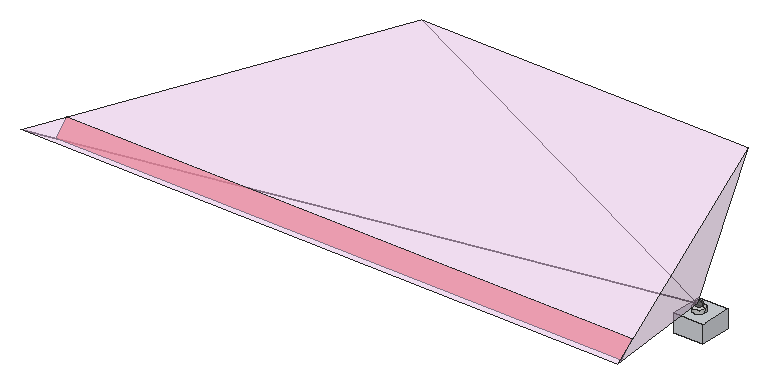
Revit family "Camera-Security-Panasonic-Super_Dynamic-Dome-Network-S2131SeriesX", category Security Devices, host Face, Revit 2013
Parameters (values of type "WV-S2131")
  z Zero = 0.0"  # constant formula
  z Yaw Actual [instance] = if(and(On Wall, not(On Ceiling)), Yaw Actual, Yaw Actual + 180.00°)  # 180.00°
  z VV Viewpoint Depth [instance] = (z VV Viewpoint Depth Max - z VV Viewpoint Depth Min) * z HFOV Ratio + z VV Viewpoint Depth Min  # 0.99902"
  z VV Viewpoint Depth Min = 0.86614"  # constant formula
  z VV Viewpoint Depth Max = 1.22047"  # constant formula
  z VV Origin Height Offset = 0.15748"  # constant formula
  z VV Origin Height [instance] = z Dome Height Offset + z VV Origin Height Offset  # 2.3622"
  z VV Face Radius = 4.62598"
  z Type = 2
  z Tilt Actual [instance] = Tilt Actual  # 45.00°
  z Pan Actual Safe [instance] = if(Pan Actual = -180.00°, 180.00°, Pan Actual)  # 0.00°
  z Pan Actual [instance] = Pan Actual  # 0.00°
  z HFOV Ratio [instance] = (Horizontal FOV Actual - Horizontal FOV Min) / (Horizontal FOV Max - Horizontal FOV Min)  # 0.375
  z Dome Radius = (Height - z Base Height)  # 1.77165"
  z Dome Material = Glass - Panasonic - Smoked
  z Dome Height Offset [instance] = if(Has Ceiling Mount, 0.19685", z Base Height)  # 2.20472"
  z Const Yaw Handle Length = 9.25197"  # constant formula
  z Const Yaw Base2 Length = 17.32283"  # constant formula
  z Const Yaw Base Length = 10.23622"  # constant formula
  z Const Tilt Handle Length = 11.81102"  # constant formula
  z Const Tilt Base2 Length = 19.68504"  # constant formula
  z Const Tilt Base Length = 9.84252"  # constant formula
  z Const Pan Handle Length = 19.48819"  # constant formula
  z Camera Resolution Type = 1
  z Bracket Radius = 7.32283" / 2  # 3.66142"
  z Base is Visible [instance] = not(Has Ceiling Mount)  # yes
  z Base Radius = (Diameter / 2)  # 2.54921"
  z Base Height = 2.20472"  # constant formula
  Yawing Range = "-100 to +100"  # constant formula
  Yaw Min = -100.00°  # constant formula
  Yaw Max = 100.00°  # constant formula
  Yaw Desired [instance] = 0.00°
  Yaw Actual [instance] = if(Yaw Desired > Yaw Max, Yaw Max, if(Yaw Desired < Yaw Min, Yaw Min, Yaw Desired))  # 0.00°
  Wide Dynamic Range = yes
  Weight = 1.21 lbf  # constant formula
  Voltage DC = 12 V
  Vandal Resistant = no
  VFOV Min 43 = 19.00°  # constant formula
  VFOV Min 169 = 17.00°  # constant formula
  Vertical FOV Min [instance] = if(and(Aspect Ratio 4_3, not(Aspect Ratio 16_9)), VFOV Min 43, VFOV Min 169)  # 17.00°
  VFOV Max 43 = 66.00°  # constant formula
  VFOV Max 169 = 59.00°  # constant formula
  Vertical FOV Max [instance] = if(and(Aspect Ratio 4_3, not(Aspect Ratio 16_9)), VFOV Max 43, VFOV Max 169)  # 59.00°
  Vertical FOV Actual [instance] = z HFOV Ratio * (Vertical FOV Max - Vertical FOV Min) + Vertical FOV Min  # 32.75°
  URL = "http://security.panasonic.com/pss/security/"
  Tilting Range = "-30 to +85"
  Tilt Min = -30.00°
  Tilt Max = 85.00°  # constant formula
  Tilt Actual [instance] = if(Tilt Desired > Tilt Max, Tilt Max, if(Tilt Desired < Tilt Min, Tilt Min, Tilt Desired))  # 45.00°
  Tilt Desired [instance] = 45.00°
  Storage Temperature = Operational Temperature  # "14°F - 122°F"
  Show View Volume [instance] = yes
  Resolution_HD [instance] = no
  Resolution_FullHD [instance] = yes
  Regulatory Compliance = "UL UL60950-1, C-UL CAN/CSA C22.2 No.60950-1, CE, IEC60950-1 FCC Part15 ClassA, ICES003 ClassA, EN55022 ClassB, EN55024"  # constant formula
  Provide Feedback = "https://www.surveymonkey.com/s/95FL6QY"
  Product Page URL = "http://security.panasonic.com/products/wv-s2131/"
  Product Material = Paint - Panasonic - Sail White
  Product Documentation Link = "http://ssbu-t.psn-web.net/Products/IP_camera/WV-S2131/Specsheet/WV-S2131-A4.pdf"
  Power Active = 5.6 W
  Part Number = Model  # "WV-S2131"
  Part Description = Description  # "Security Camera, Fixed Dome, Network, Super Dynamic FullHD"
  Panning Range = "-240 to +120"  # constant formula
  Pan Min = -240.00°  # constant formula
  Pan Max = 120.00°  # constant formula
  Pan Desired [instance] = 0.00°
  Pan Actual [instance] = if(Pan Desired > Pan Max, Pan Max, if(Pan Desired < Pan Min, Pan Min, Pan Desired))  # 0.00°
  PPM Desired [instance] = 300
  PPM Actual [instance] = if(PPM Desired > 1, PPM Desired, 1)  # 300
  Original Creation Date = "2016/10/31"  # constant formula
  Operational Temperature = "14°F - 122°F"  # constant formula
  Operational Humidity = "10% to 90% (no condensation)"  # constant formula
  On Wall [instance] = no
  On Ceiling [instance] = yes
  Mounting Positions = "Surface Mount"  # constant formula
  Model Disclaimer = "Contact Panasonic for more information"  # constant formula
  Model = "WV-S2131"
  Minimum Illumination = 0.012 lx
  Manufacturer = "Panasonic"  # constant formula
  Indoor Or Outdoor = "Indoor"  # constant formula
  IP Or Analog = "IP"  # constant formula
  Horizontal Resolution [instance] = if(and(Aspect Ratio 4_3, not(Aspect Ratio 16_9)), Horizontal Resolution 43, Horizontal Resolution 169)  # 1920
  Horizontal Resolution 43 [instance] = if(not(z Camera Resolution Type = 1), 1280, if(and(Resolution_HD, not(Resolution_FullHD)), 1280, 2048))  # 2048
  Horizontal Resolution 169 [instance] = if(not(z Camera Resolution Type = 1), 1280, if(and(Resolution_HD, not(Resolution_FullHD)), 1280, 1920))  # 1920
  Height = 3.97638"  # constant formula
  Has Ceiling Mount [instance] = no
  Has POE = yes
  HFOV Min 43 = 25.00°  # constant formula
  HFOV Min 169 = 30.00°  # constant formula
  Horizontal FOV Min [instance] = if(and(Aspect Ratio 4_3, not(Aspect Ratio 16_9)), HFOV Min 43, HFOV Min 169)  # 30.00°
  HFOV Max 43 = 90.00°  # constant formula
  HFOV Max 169 = 110.00°  # constant formula
  Horizontal FOV Max [instance] = if(and(Aspect Ratio 4_3, not(Aspect Ratio 16_9)), HFOV Max 43, HFOV Max 169)  # 110.00°
  Horizontal FOV Actual [instance] = if(Horizontal FOV Desired > Horizontal FOV Max, Horizontal FOV Max, if(Horizontal FOV Desired < Horizontal FOV Min, Horizontal FOV Min, Horizontal FOV Desired))  # 60.00°
  Family Version = "1.0.0"  # constant formula
  Horizontal FOV Desired [instance] = 60.00°
  Equipment Number [instance] = ""
  Equipment Abbreviation = "SC"
  Dome Part Number [instance] = "WV-CF5SA"  # constant formula
  Distance to Screen [instance] = 393.70079"
  Distance to PPM Target [instance] = if(PPM Actual = 0, 0.0", 39.37008" * Horizontal Resolution / (PPM Actual * 2 * tan(Horizontal FOV Actual / 2)))  # 218.21113"
  Distance to Floor [instance] = 118.11024"
  Distance to Ceiling [instance] = 0.0"
  Diameter = 5.09843"  # constant formula
  Description = "Security Camera, Fixed Dome, Network, Super Dynamic FullHD"
  Default Elevation = 0.0"
  Day Or Night = "Yes"  # constant formula
  Date Last Modified = "2016/10/31"
  Copyright = "Copyright © Panasonic"  # constant formula
  Communication Ports = "10Base-T / 100Base-TX, RJ45 connector"  # constant formula
  Audio Out = "Yes"
  Audio In = "Yes"
  Angle Of View = "110"  # constant formula
  Alarm Input Or Output Specification = "ALARM IN 1 (DAY/NIGHT IN, Auto time adjustment) (x1),ALARM IN 2 (ALARM OUT) (x1), ALARM IN 3 (AUX OUT) (x1)"
  Accessory Part Number [instance] = if(Has Ceiling Mount, "WV-Q174B", "Select a Mounting Option")  # "Select a Mounting Option"
  Aspect Ratio 4_3 [instance] = no
  Aspect Ratio 16_9 [instance] = yes
Types (5): name | z Camera Resolution Type | Voltage DC | Tilting Range | Tilt Min | Resolution_HD | Resolution_FullHD | Product Page URL | Product Documentation Link | Power Active | Part Number | Part Description | Model | Minimum Illumination | Horizontal Resolution | Horizontal Resolution 43 | Horizontal Resolution 169 | Distance to PPM Target | Description | Audio Out | Audio In | Alarm Input Or Output Specification
  WV-S2131 | 1 | 12 V | "-30 to +85" | -30.00° | no | yes | "http://security.panasonic.com/products/wv-s2131/" | "http://ssbu-t.psn-web.net/Products/IP_camera/WV-S2131/Specsheet/WV-S2131-A4.pdf" | 5.6 W | "WV-S2131" | "Security Camera, Fixed Dome, Network, Super Dynamic FullHD" | "WV-S2131" | 0.012 lx | 1920 | 2048 | 1920 | 218.21113" | "Security Camera, Fixed Dome, Network, Super Dynamic FullHD" | "Yes" | "Yes" | "ALARM IN 1 (DAY/NIGHT IN, Auto time adjustment) (x1),ALARM IN 2 (ALARM OUT) (x1), ALARM IN 3 (AUX OUT) (x1)"
  WV-S2131L | 1 | 12 V | "-30 to +85" | -30.00° | no | yes | "http://security.panasonic.com/products/wv-s2131l/" | "http://ssbu-t.psn-web.net/Products/IP_camera/WV-S2131L/Specsheet/WV-S2131L-A4.pdf" | 6.8 W | "WV-S2131L" | "Security Camera, Fixed Dome, Network, Super Dynamic FullHD" | "WV-S2131L" | 0.012 lx | 1920 | 2048 | 1920 | 218.21113" | "Security Camera, Fixed Dome, Network, Super Dynamic FullHD" | "Yes" | "Yes" | "ALARM IN 1 (DAY/NIGHT IN, Auto time adjustment) (x1),ALARM IN 2 (ALARM OUT) (x1), ALARM IN 3 (AUX OUT) (x1)"
  WV-S2130 | 1 | 48 V | "-85 to +85" | -85.00° | no | yes | "http://security.panasonic.com/products/wv-s2130/" | "http://ssbu-t.psn-web.net/Products/IP_camera/WV-S2130/Specsheet/WV-S2130-A4.pdf" | 5.3 W | "WV-S2130" | "Security Camera, Fixed Dome, Network, Super Dynamic FullHD" | "WV-S2130" | 0.012 lx | 1920 | 2048 | 1920 | 218.21113" | "Security Camera, Fixed Dome, Network, Super Dynamic FullHD" | "No" | "No" | "None"
  WV-S2111L | 2 | 12 V | "-30 to +85" | -30.00° | yes | no | "http://security.panasonic.com/products/wv-s2111l/" | "http://ssbu-t.psn-web.net/Products/IP_camera/WV-S2111L/Specsheet/WV-S2111L-A4.pdf" | 6.8 W | "WV-S2111L" | "Security Camera, Fixed Dome, Network, Super Dynamic HD" | "WV-S2111L" | 0.008 lx | 1280 | 1280 | 1280 | 145.47408" | "Security Camera, Fixed Dome, Network, Super Dynamic HD" | "Yes" | "Yes" | "ALARM IN 1 (DAY/NIGHT IN, Auto time adjustment) (x1),ALARM IN 2 (ALARM OUT) (x1), ALARM IN 3 (AUX OUT) (x1)"
  WV-S2110 | 2 | 48 V | "-85 to +85" | -85.00° | yes | no | "http://security.panasonic.com/products/wv-s2110/" | "http://ssbu-t.psn-web.net/Products/IP_camera/WV-S2110/Specsheet/WV-S2110-A4.pdf" | 5.3 W | "WV-S2110" | "Security Camera, Fixed Dome, Network, Super Dynamic HD" | "WV-S2110" | 0.008 lx | 1280 | 1280 | 1280 | 145.47408" | "Security Camera, Fixed Dome, Network, Super Dynamic HD" | "No" | "No" | "None"
Reference planes (in)
  plane 1 "Center (Front/Back)": y = 0
  plane 2: z = 0
  plane 3 "Center (Left/Right)": x = 0
  plane 4: z = 0
  plane 5: x = -2.54921
  plane 6: x = -1.77165
  plane 7: x = 2.5625
  plane 8: z = 2.20472
  plane 9: z = 1.50472
  plane 10: z = 3.97638
  plane 11 "Pan LR": z = 9.48781
  plane 12 "BP": z = 2.3622
Forms (in)
  Extrusion 1, solid
    sketch origin (0, 0, 0) x (1, 0, 0) y (0, 1, 0)
      loop
        line (-5.65138, 6.85016) -> (-5.65138, -7.02141) -> (7.02141, -7.02141) -> (7.02141, 6.85016) -> (-5.65138, 6.85016)
    from 0 to -7.78407
  Revolve 2, solid, material "Paint - Panasonic - Sail White" <- "Product Material", visible <- "z Base is Visible"
    sketch origin (0, 0, 0) x (1, 0, 0) y (0, 0, 1)
      loop
        line (0, 0) -> (0, 2.20472) -> (-1.77165, 2.20472) -> (-2.54921, 1.50472) -> (-2.54921, 0) -> (0, 0)
      axis (0, 2.20472) -> (0, 0)
    angle from 0 to 360
  Revolve 3, solid, material "Glass - Panasonic - Smoked" <- "z Dome Material"
    sketch origin (0, 0, 0) x (1, 0, 0) y (0, 0, 1)
      loop
        line (-1.77165, 2.20472) -> (0, 2.20472) -> (0, 3.97638)
        arc (0, 3.97638) -> (-1.25275, 3.45747) -> (-1.77165, 2.20472) r 1.77165
      axis (0, 3.97638) -> (0, 2.20472)
    angle from 0 to 360
Lines and regions (in)
  reference lines
    curve 1: line (0, 0, 2.42154) -> (0, -9.84252, 2.42154)
    curve 2: line (0, 0, 2.3622) -> (8.07327, -8.07327, 2.3622)
Dimensions and locks (in)
  "z Base Height": plane 8 to plane 4
  "z Base Radius": plane 3 "Center (Left/Right)" to plane 5
  locked: plane 8 to plane 9 at 0.7
  "z Dome Radius": plane 3 "Center (Left/Right)" to plane 6
  "z Dome Radius": plane 10 to plane 8
  "z Dome Height Offset": plane 8 to plane 2
  "z VV Origin Height": plane 12 "BP" to level
  angle curve 1 to plane 1 "Center (Front/Back)" = 90.00°
  "z Pan Actual Safe": angle plane 3 "Center (Left/Right)" to curve 1
  "z Tilt Actual": angle curve 2 to plane 1 "Center (Front/Back)"
  aligned and locked: plane 2 to Extrusion 1
  aligned and locked: level to Extrusion 1
  aligned and locked: plane 5 to Revolve 2 sketch curve
  aligned and locked: plane 9 to Revolve 2 sketch curve
  aligned and locked: plane 6 to Revolve 2 sketch curve
  aligned and locked: plane 4 to Revolve 2 sketch curve
  aligned and locked: Revolve 2 sketch curve to plane 3 "Center (Left/Right)"
  aligned and locked: plane 8 to Revolve 2 sketch curve
  aligned and locked: Revolve 2 sketch curve to plane 5
  aligned and locked: plane 3 "Center (Left/Right)" to Revolve 3 sketch curve
  aligned and locked: plane 8 to Revolve 3 sketch curve
  aligned and locked: plane 1 "Center (Front/Back)" to curve 1
  aligned and locked: plane 3 "Center (Left/Right)" to curve 1
  aligned and locked: plane 3 "Center (Left/Right)" to nested 1
  aligned and locked: plane 3 "Center (Left/Right)" to curve 2
  aligned and locked: plane 1 "Center (Front/Back)" to curve 2
  aligned and locked: nested 2 to plane 1 "Center (Front/Back)"
  aligned and locked: nested 2 to plane 3 "Center (Left/Right)"
Automatic sketch dimensions
  Extrusion 1 sketch curve to Extrusion 1 sketch curve = 12.67279"
  Extrusion 1 sketch curve to Extrusion 1 sketch curve = 13.87157"
  Revolve 2 sketch curve to plane 3 "Center (Left/Right)" = 0.0"
  plane 9 to Revolve 2 sketch curve = 0.11875"
  Revolve 2 sketch curve to Revolve 2 sketch curve = 0.25"
  Revolve 3 sketch curve to plane 6 = 0.0"
  Revolve 3 sketch curve to plane 3 "Center (Left/Right)" = 0.0"
  Revolve 3 sketch curve to Revolve 3 sketch curve = 0.82961"
  Revolve 3 sketch curve to Revolve 3 sketch curve = 0.25"
Nested families (in)
  nested 1: "Mount - Camera-Security-Panasonic-Fixed_Dome-Network" at (0, 0, 0), Dome Radius <- "z Dome Radius", Product Material <- "Product Material", Has Ceiling Mount <- "Has Ceiling Mount", type "Mount"
    with z Bracket Radius 3.66142", Product Material Paint - Panasonic - Sail White, Has Ceiling Mount no, Dome Radius 1.77165"
  nested 2: "Camera-Security-Panasonic-ViewVolumePTYZ" at (0, 0, 2.3622), Viewpoint Depth <- "z VV Viewpoint Depth", Base Height Offset <- "z VV Origin Height", Pan <- "z Pan Actual", Tilt <- "z Tilt Actual", Yaw <- "z Yaw Actual", HFOV <- "Horizontal FOV Actual", VFOV <- "Vertical FOV Actual", On Wall <- "On Wall", On Ceiling <- "On Ceiling", Screen Depth <- "Distance to Screen", Floor Distance <- "Distance to Floor", Ceiling Distance <- "Distance to Ceiling", Target Depth <- "Distance to PPM Target", visible <- "Show View Volume", type "Camera-Security-Panasonic-ViewVolumePTYZ"
    with z Yaw Actual 180.00°, z Void Width 1248.73053", z Void Thickness 397.06201", z Void Height Start -624.36526", z Void Height End 624.36526", z Void Direction 0, z Void Angle 0.00°, z Viewpoint Depth 0.99902", z Tilt Actual 45.00°, z Target Width 251.9685", z Target Visible yes, z Target Height 128.23916", z Target Depth 219.21014", z Screen Width 454.60651", z Screen Height 231.3716", z Screen Depth 394.6998", z Pan Actual 0.00°, z Floor Distance 118.11024", z Ceiling Distance 0.0", Yaw 180.00°, Viewpoint Origin Horizontal Offset 0.0", Viewpoint Depth 0.99902", VFOV 32.75°, Tilt 45.00°, Target Depth 218.21113", Screen Depth 393.70079", Pan 0.00°, On Wall no, On Floor no, On Default Mount Type 0, On Ceiling yes, HFOV 60.00°, Floor Distance 118.11024", Ceiling Distance 0.0", Base Height Offset 2.3622", Base Angle Offset 0.00°
Connectors (in)
  electrical at (0, 0, 0), driven by "Power Active", driven by "Voltage DC"
    settings: on Revolve 2, index 1, voltage 12 V, apparent load 5.6 W, apparent load phase1 0.0 W, apparent load phase2 0.0 W, apparent load phase3 0.0 W, power factor 1, load classification "Other", number of poles 1, system type 30, power factor state 1, is connector primary yes, connector utility no, sub classification motor no, connector description "Electrical Connection"
  electrical at (0, 0, 0)
    settings: on Revolve 2, index 2, voltage 0 V, apparent load 0.0 W, apparent load phase1 0.0 W, apparent load phase2 0.0 W, apparent load phase3 0.0 W, power factor 1, load classification "Other", number of poles 1, system type 5, power factor state 1, is connector primary no, connector utility no, sub classification motor no, connector description "Data Connection"
Definition of nested family "Camera-Security-Panasonic-ViewVolumePTYZ"
  Parameters (values of type "Camera-Security-Panasonic-ViewVolumePTYZ")
    z Yaw Actual [instance] = if(Yaw < 0.00°, 360.00° - (abs(Yaw) - rounddown(abs(Yaw) / 360.00°) * 360.00°), Yaw - rounddown(Yaw / 360.00°) * 360.00°)  # 0.00°
    z Void Width [instance] = if(z Screen Width > z Screen Height, z Screen Width, z Screen Height) + abs(Viewpoint Origin Horizontal Offset) + z Void Thickness * 2  # 1265.63013"
    z Void Thickness [instance] = z Screen Depth + abs(Base Height Offset)  # 405.51181"
    z Void Height Start [instance] = -z Void Width / 2  # -632.81507"
    z Void Height End [instance] = z Void Width / 2  # 632.81507"
    z Void Direction [instance] = if((if(On Wall, 1, 0) + if(On Floor, 1, 0) + if(On Ceiling, 1, 0)) = 1, if(On Ceiling, 0, if(On Wall, 1, 2)), On Default Mount Type)  # 0
    z Viewpoint Depth [instance] = if(Viewpoint Depth < 0.03937", 0.03937", Viewpoint Depth)  # 5.90551"
    z Tilt Actual [instance] = if(Tilt < 0.00°, 360.00° - (abs(Tilt) - rounddown(abs(Tilt) / 360.00°) * 360.00°), Tilt - rounddown(Tilt / 360.00°) * 360.00°)  # 45.00°
    z Target Visible [instance] = not(Screen Depth < Target Depth)  # yes
    z Target Thickness Start = -z Target Thickness / 2  # -0.03937"
    z Target Thickness End = z Target Thickness / 2  # 0.03937"
    z Target Depth [instance] = Target Depth + Viewpoint Depth  # 84.64567"
    z Pan Actual [instance] = if(Pan < 0.00°, 360.00° - (abs(Pan) - rounddown(abs(Pan) / 360.00°) * 360.00°), Pan - rounddown(Pan / 360.00°) * 360.00°)  # 0.00°
    z Floor Distance [instance] = if(z Void Direction = 2, if(Floor Distance < 0.0", 0.0", Floor Distance), if(Floor Distance < 0.3937", 0.3937", Floor Distance))  # 118.11024"
    z Const Yaw Base2 Length = 17.32283"  # constant formula
    z Const Tilt Base2 Length = 19.68504"  # constant formula
    z Ceiling Distance [instance] = if(z Void Direction = 2, if(Ceiling Distance < 0.3937", 0.3937", Ceiling Distance), if(Ceiling Distance < 0.0", 0.0", Ceiling Distance))  # 0.0"
    z Const Void Handle Length = 23.62205"  # constant formula
    z Void Angle [instance] = if(z Void Direction = 0, 0.00° + Base Angle Offset, if(z Void Direction = 1, 90.00° + Base Angle Offset, 180.00° + Base Angle Offset))  # 0.00°
    z Screen Depth [instance] = if(Screen Depth < 3.93701", 3.93701" + Viewpoint Depth, Screen Depth + Viewpoint Depth)  # 399.6063"
    Original Creation Date = "September, 15, 2016"  # constant formula
    On Default Mount Type [instance] = 0
    Manufacturer = "Panasonic"  # constant formula
    Family Version = "1.0.0"  # constant formula
    Date Last Modified = "September, 15, 2016"  # constant formula
    Copyright = "Copyright © Panasonic"  # constant formula
    Base Height Offset [instance] = 5.90551"
    Base Angle Offset [instance] = 0.00°
    z Viewpoint Width = 0.03937"  # constant formula
    z Viewpoint Height = 0.03937"  # constant formula
    VFOV [instance] = 33.75°
    z Target Width [instance] = Target Depth * tan(HFOV / 2) * 2  # 90.9213"
    z Target Thickness = 0.07874"  # constant formula
    z Target Height [instance] = Target Depth * tan(VFOV / 2) * 2  # 47.77113"
    Target Depth [instance] = 78.74016"
    z Screen Width [instance] = (z Screen Depth - Viewpoint Depth) * tan(HFOV / 2) * 2  # 454.60651"
    z Screen Height [instance] = (z Screen Depth - Viewpoint Depth) * tan(VFOV / 2) * 2  # 238.85566"
    Screen Depth [instance] = 393.70079"
    z Const Yaw Handle Length = 9.25197"  # constant formula
    z Const Yaw Base Length = 10.23622"  # constant formula
    Viewpoint Depth [instance] = 5.90551"
    Viewpoint Origin Horizontal Offset [instance] = 0.0"
    z Const Tilt Handle Length = 14.17323"  # constant formula
    z Const Tilt Base Length = 9.84252"  # constant formula
    z Const Pan Handle Length = 19.68504"  # constant formula
    z Const Pan Axis Length = 15.74803"  # constant formula
    On Wall [instance] = no
    On Floor [instance] = no
    On Ceiling [instance] = yes
    HFOV [instance] = 60.00°
    Yaw [instance] = 0.00°
    Tilt [instance] = 45.00°
    Pan [instance] = 0.00°
    Floor Distance [instance] = 118.11024"
    Ceiling Distance [instance] = 0.0"
  Reference planes (in)
    plane 1 "Center (Front/Back)": y = 0
    plane 2: z = 0
    plane 3 "Center (Left/Right)": x = 0
    plane 4 "VoidOffsetBase": z = -5.90551
  Forms (in)
    Extrusion 1, void
      sketch origin (0, 0, -5.90551) x (0, 0, 1) y (0, -1, 0)
        loop
          line (523.62205, 632.81507) -> (118.11024, 632.81507) -> (118.11024, -632.81507) -> (523.62205, -632.81507) -> (523.62205, 632.81507)
        loop
          line (0, 632.81507) -> (-405.51181, 632.81507) -> (-405.51181, -632.81507) -> (0, -632.81507) -> (0, 632.81507)
      from -632.81507 <- "z Void Height Start" to 632.81507 <- "z Void Height End"
    Blend 2, solid, material "Panasonic - ViewVolume"
      base sketch origin (0, -4.17583, 4.17583) x (0, 0.707107, 0.707107) y (-1, 0, 0)
        loop
          line (-0.01969, -0.01969) -> (0.01969, -0.01969) -> (0.01969, 0.01969) -> (-0.01969, 0.01969) -> (-0.01969, -0.01969)
      top sketch origin (0, -282.56432, 282.56432) x (0, 0.707107, 0.707107) y (-1, 0, 0)
        loop
          line (-119.42783, -227.30326) -> (119.42783, -227.30326) -> (119.42783, 227.30326) -> (-119.42783, 227.30326) -> (-119.42783, -227.30326)
      from 0 to 0
    Extrusion 3, solid, material "Panasonic - Target", visible <- "z Target Visible"
      sketch origin (0, -59.85353, 59.85353) x (0, 0.707107, 0.707107) y (-1, 0, 0)
        loop
          line (-23.88557, -45.46065) -> (23.88557, -45.46065) -> (23.88557, 45.46065) -> (-23.88557, 45.46065) -> (-23.88557, -45.46065)
      from -0.03937 <- "z Target Thickness Start" to 0.03937 <- "z Target Thickness End"
  Cuts and joins
    Extrusion 1 cuts Blend 2
    Extrusion 1 cuts Extrusion 3
  Lines and regions (in)
    reference lines
      curve 1: line (0, 0, 0) -> (19.68504, 0, 0)
      curve 2: line (0, 0, -15.74803) -> (0, 0, 0)
      curve 3: line (0, 0, 0) -> (0, -9.84252, 0)
      curve 4: line (0, 0, 0) -> (0, 0, 19.68504)
      curve 5: line (0, -10.02199, 10.02199) -> (0, 0, 0)
      curve 6: line (0, 0, 0) -> (0, 7.2381, 7.2381)
      curve 7: line (0, 0, 0) -> (-17.32283, 0, 0)
      curve 8: line (0, 0, 0) -> (-9.25197, 0, 0)
      curve 9: line (0, -4.17583, 4.17583) -> (0, 0, 0)
      curve 10: line (0, 0, 0) -> (0, -59.85353, 59.85353)
      curve 11: line (0, 0, 0) -> (0, -282.56432, 282.56432)
      curve 12: line (-0.01969, -4.16191, 4.18975) -> (0.01969, -4.16191, 4.18975)
      curve 13: line (-0.01969, -4.18975, 4.16191) -> (0.01969, -4.18975, 4.16191)
      curve 14: line (-0.01969, -4.16191, 4.18975) -> (-0.01969, -4.18975, 4.16191)
      curve 15: line (0.01969, -4.16191, 4.18975) -> (0.01969, -4.18975, 4.16191)
      curve 16: line (-45.46065, -42.96388, 76.74317) -> (45.46065, -42.96388, 76.74317)
      curve 17: line (-45.46065, -76.74317, 42.96388) -> (45.46065, -76.74317, 42.96388)
      curve 18: line (-45.46065, -42.96388, 76.74317) -> (-45.46065, -76.74317, 42.96388)
      curve 19: line (45.46065, -42.96388, 76.74317) -> (45.46065, -76.74317, 42.96388)
      curve 20: line (-227.30326, -198.1161, 367.01255) -> (-227.30326, -367.01255, 198.1161)
      curve 21: line (227.30326, -198.1161, 367.01255) -> (227.30326, -367.01255, 198.1161)
      curve 22: line (-227.30326, -198.1161, 367.01255) -> (227.30326, -198.1161, 367.01255)
      curve 23: line (-227.30326, -367.01255, 198.1161) -> (227.30326, -367.01255, 198.1161)
      curve 24: line (0, 0, -5.90551) -> (0, 0, 17.71654)
      curve 25: line (0, -632.81507, 517.71654) -> (0, 632.81507, 517.71654)
      curve 26: line (0, -632.81507, 112.20472) -> (0, -632.81507, 517.71654)
      curve 27: line (0, 632.81507, 112.20472) -> (0, -632.81507, 112.20472)
      curve 28: line (0, 632.81507, 517.71654) -> (0, 632.81507, 112.20472)
      curve 29: line (0, -632.81507, -5.90551) -> (0, 632.81507, -5.90551)
      curve 30: line (0, -632.81507, -411.41732) -> (0, -632.81507, -5.90551)
      curve 31: line (0, 632.81507, -411.41732) -> (0, -632.81507, -411.41732)
      curve 32: line (0, 632.81507, -5.90551) -> (0, 632.81507, -411.41732)
  Dimensions and locks (in)
    "z Const Pan Handle Length": curve 1 to curve 1
    "z Const Pan Axis Length": curve 2 to curve 2
    "z Const Tilt Base Length": curve 3 to curve 3
    "z Const Pan Axis Length": curve 1 to curve 2
    "Viewpoint Origin Horizontal Offset": curve 4 to curve 2
    "z Const Tilt Base2 Length": curve 4 to curve 4
    "z Const Tilt Handle Length": curve 5 to curve 5
    "z Const Yaw Base Length": curve 6 to curve 6
    "z Const Yaw Base2 Length": curve 7 to curve 7
    "z Const Yaw Handle Length": curve 8 to curve 8
    "z Viewpoint Depth": curve 9 to curve 9
    "z Target Depth": curve 10 to curve 10
    "z Screen Depth": curve 11 to curve 11
    equal spacing: curve 13, curve 9, curve 12
    "z Viewpoint Height": curve 13 to curve 12
    equal spacing: curve 14, curve 9, curve 15
    "z Viewpoint Width": curve 14 to curve 15
    equal spacing: curve 17, curve 10, curve 16
    "z Target Height": curve 17 to curve 16
    equal spacing: curve 18, curve 10, curve 19
    "z Target Width": curve 18 to curve 19
    equal spacing: curve 20, curve 11, curve 21
    "z Screen Width": curve 20 to curve 21
    equal spacing: curve 23, curve 11, curve 22
    "z Screen Height": curve 23 to curve 22
    "z Const Void Handle Length": curve 24 to curve 24
    equal spacing: curve 26, curve 24, curve 28
    "z Void Width": curve 26 to curve 28
    "z Floor Distance": curve 27 to curve 24
    "z Ceiling Distance": curve 29 to curve 24
    "z Void Thickness": curve 31 to curve 29
    "z Void Thickness": curve 25 to curve 27
    "Base Height Offset": level to plane 4 "VoidOffsetBase"
    locked: curve 3 to curve 2 (angle 90.00°)
    locked: curve 3 to curve 4 (angle 90.00°)
    "z Tilt Actual": angle curve 4 to curve 5
    locked: curve 6 to curve 7 (angle 90.00°)
    locked: curve 6 to curve 5 (angle 90.00°)
    locked: curve 9 to curve 5 (angle 0.00°)
    locked: curve 10 to curve 5 (angle 0.00°)
    locked: curve 11 to curve 5 (angle 0.00°)
    "z Void Angle": angle plane 1 "Center (Front/Back)" to curve 24
    "z Yaw Actual": angle curve 7 to curve 8
    "z Pan Actual": angle plane 1 "Center (Front/Back)" to curve 1
    aligned and locked: level to plane 2
    aligned and locked: curve 2 to curve 1
    aligned and locked: curve 2 to curve 3
    aligned and locked: curve 3 to curve 2
    aligned and locked: curve 3 to curve 5
    aligned and locked: curve 6 to curve 7
    aligned and locked: curve 6 to curve 8
    aligned and locked: curve 8 to curve 7
    aligned and locked: curve 7 to curve 6
    aligned and locked: curve 5 to curve 11
    aligned and locked: curve 11 to curve 8
    aligned and locked: curve 12 to curve 15
    aligned and locked: curve 15 to curve 15
    aligned and locked: curve 14 to curve 14
    aligned and locked: curve 13 to curve 15
    aligned and locked: curve 16 to curve 19
    aligned and locked: curve 18 to curve 18
    aligned and locked: curve 17 to curve 19
    aligned and locked: curve 22 to curve 22
    aligned and locked: curve 21 to curve 23
    aligned and locked: curve 20 to curve 23
    aligned and locked: curve 23 to curve 23
    aligned and locked: plane 1 "Center (Front/Back)" to curve 24
    aligned and locked: curve 30 to curve 26
    aligned and locked: curve 28 to curve 32
    aligned and locked: Extrusion 1 sketch curve to curve 25
    aligned and locked: Extrusion 1 sketch curve to curve 26
    aligned and locked: Extrusion 1 sketch curve to curve 27
    aligned and locked: Extrusion 1 sketch curve to curve 28
    aligned and locked: Extrusion 1 sketch curve to curve 29
    aligned and locked: Extrusion 1 sketch curve to curve 30
    aligned and locked: Extrusion 1 sketch curve to curve 31
    aligned and locked: Extrusion 1 sketch curve to curve 32
    aligned and locked: Extrusion 1 sketch curve to Extrusion 1 sketch curve  (x8)
    aligned and locked: Blend 2 sketch curve to curve 15
    aligned and locked: Blend 2 sketch curve to curve 13
    aligned and locked: Blend 2 sketch curve to curve 14
    aligned and locked: Blend 2 sketch curve to curve 12
    aligned and locked: Blend 2 sketch curve to Blend 2 sketch curve  (x8)
    aligned and locked: Blend 2 sketch curve to curve 21
    aligned and locked: Blend 2 sketch curve to curve 23
    aligned and locked: Blend 2 sketch curve to curve 20
    aligned and locked: Blend 2 sketch curve to curve 22
    aligned and locked: Extrusion 3 sketch curve to curve 19
    aligned and locked: Extrusion 3 sketch curve to curve 17
    aligned and locked: Extrusion 3 sketch curve to curve 18
    aligned and locked: Extrusion 3 sketch curve to curve 16
    aligned and locked: Extrusion 3 sketch curve to Extrusion 3 sketch curve  (x4)
    aligned and locked: plane 3 "Center (Left/Right)" to curve 1
    aligned and locked: plane 1 "Center (Front/Back)" to curve 1
    aligned and locked: level to curve 2
    aligned and locked: plane 4 "VoidOffsetBase" to curve 24
  Automatic sketch dimensions
    curve 6 to curve 5 = 0.0"
    curve 6 to curve 5 = 10.23622"
Definition of nested family "Mount - Camera-Security-Panasonic-Fixed_Dome-Network"
  Parameters (values of type "Mount")
    z Bracket Radius [instance] = 3.66142"  # constant formula
    URL = "http://panasonic.net"
    Product Material [instance] = Paint - Panasonic - Light Gray
    Part Number = Model  # "WV-Q174B"
    Model = "WV-Q174B"
    Manufacturer = "Panasonic"
    Keynote = ""
    Has Ceiling Mount [instance] = yes
    Dome Radius [instance] = 1.77165"
    Default Elevation = 0.0"
    Assembly Code = ""
  Reference planes (in)
    plane 1 "Center (Front/Back)": y = 0
    plane 2: z = 0
    plane 3 "Center (Left/Right)": x = 0
    plane 4: z = 0.295
    plane 5: z = 0.125
    plane 6: x = -3.66142
    plane 7: z = 0
    plane 8: x = -1.77165
    plane 9: z = 0.32
    plane 10: z = 4.32
    plane 11: z = 3.146
    plane 12: z = 3.814
    plane 13: z = -3.63
    plane 14: z = -3.24904
    plane 15: z = -3.12404
    plane 16: z = 5.5
    plane 17: z = 7.75
    plane 18: y = -2.75
    plane 19: y = 2.75
    plane 20: z = 0.295
    plane 21: y = -1.56732
    plane 22: y = 1.33268
    plane 23: x = 3.05
    plane 24: x = 3.25
    plane 25: x = 3.1565
    plane 26: y = -3.25
    plane 27: y = -3
    plane 28: x = 2.9065
    plane 29: x = 3.7815
    plane 30: x = -3.7815
    plane 31: y = 0.375
    plane 32: y = -0.375
  Forms (in)
    Extrusion 1, solid
      sketch origin (0, 0, 0) x (1, 0, 0) y (0, 1, 0)
        loop
          line (-48, 48) -> (-48, -48) -> (48, -48) -> (48, 48) -> (-48, 48)
      from 0 to -12
    Revolve 2, solid, material "Paint - Panasonic - Sail White", visible <- "Has Ceiling Mount"
      sketch origin (0, 0, 0) x (1, 0, 0) y (0, 0, 1)
        loop
          line (-3.66142, 0.125) -> (-3.66142, 0) -> (-1.77165, 0) -> (-1.77165, 0.295) -> (-3.66142, 0.125)
        axis (0, 0.295) -> (0, 0)
      angle from 0 to 360
  Lines and regions (in)
    Masking region 1
      outline origin (0, 0, 0) x (1, 0, 0) y (0, 1, 0)
        loop
          circle (0, 0) r 3.66142
  Dimensions and locks (in)
    locked: plane 5 to plane 7 at 0.125
    locked: plane 6 to plane 8 at 1.88976
    "Dome Radius": plane 3 "Center (Left/Right)" to plane 8
    plane 16 to Extrusion 1 = 5.5"
    locked: plane 21 to plane 22 at 2.9
    locked: plane 20 to level at 0.295
    "z Bracket Radius": radius of Masking region 1 sketch curve
    aligned and locked: plane 2 to Extrusion 1
    aligned and locked: level to Extrusion 1
    aligned and locked: plane 20 to Revolve 2 sketch curve
    aligned and locked: plane 8 to Revolve 2 sketch curve  (x2)
    aligned and locked: plane 5 to Revolve 2 sketch curve
    aligned and locked: plane 6 to Revolve 2 sketch curve
    aligned and locked: Revolve 2 sketch curve to plane 7
  Automatic sketch dimensions
    Extrusion 1 sketch curve to Extrusion 1 sketch curve = 96.0"  (x2)
    Revolve 2 sketch curve to plane 3 "Center (Left/Right)" = 0.0"
    Revolve 2 sketch curve to level = 0.25803"
    plane 4 to Revolve 2 sketch curve = 0.40138"
    plane 1 "Center (Front/Back)" to Masking region 1 sketch curve = 0.0"
    Masking region 1 sketch curve to plane 3 "Center (Left/Right)" = 0.0"
